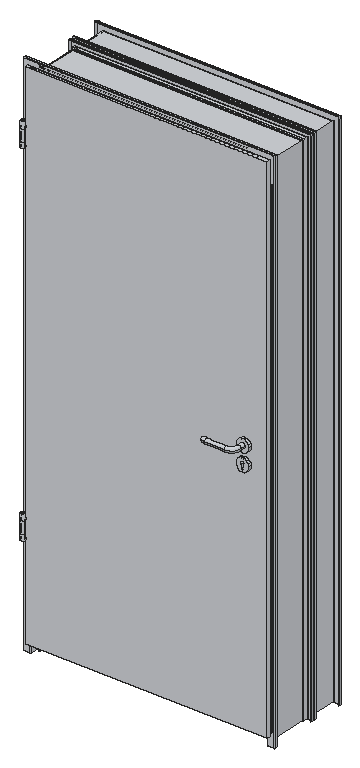
Revit family "BOS-Dehnungsfugenzarge-UuHd2_Familie", category Türen, Revit 2017
Family settings
  Basisbauteil = Wand
  Immer vertikal = Ja
  Beim Laden mit Abzugskörper schneiden = Nein
  Gemeinsam genutzt = Nein
  Raumberechnungspunkt = Ja
Parameters (values of type "UuHd2")
  Überstand Hinterschale [instance] = 0.5 * (Dehnungsfuge - 10 mm)  # 5 mm
  MW2 min. = 100 mm  # constant formula
  MW2 max. [instance] = GT2 max. - Putzwinkel hinten - Überstand Hinterschale  # 590 mm
  Propellerankerabbiegung vorne Hinterschale [instance] = 10 mm  # constant formula
  Spiegel hinten   Architrave Back [instance] = 30 mm
  Spiegel hinten [instance] = if(Spiegel hinten   Architrave Back < 30 mm, 30 mm, if(Spiegel hinten   Architrave Back > 80 mm, 80 mm, Spiegel hinten   Architrave Back))  # 30 mm
  Putzwinkel hinten   Backbend Back [instance] = 10 mm  # constant formula
  Putzwinkel hinten [instance] = Putzwinkel hinten   Backbend Back  # 10 mm
  MW2 Maulweite   Receiving Opening 2 [instance] = 115 mm
  MW2 Maulweite [instance] = if(MW2 Maulweite   Receiving Opening 2 < MW2 min., MW2 min., if(MW2 Maulweite   Receiving Opening 2 > MW2 max., MW2 max., MW2 Maulweite   Receiving Opening 2))  # 115 mm
  Dehnungsfuge min. = 10 mm  # constant formula
  Dehnungsfuge max. = 50 mm  # constant formula
  Propellerankerabbiegung hinten Hinterschale [instance] = 10 mm  # constant formula
  Propellerankerabbiegung vorne Vorderschale [instance] = 10 mm  # constant formula
  Propellerankerabbiegung hinten Vorderschale [instance] = 10 mm  # constant formula
  VX-Abstand [instance] = Putzwinkel vorne  # 10 mm
  Putzwinkel vorne   Backbend Front [instance] = 10 mm  # constant formula
  UsFHd2 = no
  UuFHd2 = no
  Wandstärke   Wall Thickness [instance] = 200 mm
  Stumpf = or(UsHd2, UsFHd2)  # no
  VX Bänder DIN rechts [instance] = DIN rechts   DIN Right  # no
  VX Bänder DIN links [instance] = DIN links   DIN Left  # yes
  MW1 Maulweite   Receiving Opening 1 [instance] = if(Wandstärke   Wall Thickness < MW1 min., MW1 min., if(Wandstärke   Wall Thickness > MW1 max., MW1 max., Wandstärke   Wall Thickness))  # 200 mm
  LDH Lichte Durchgangs Höhe   Clearance Height [instance] = FMH Falzmaß Höhe - Falzaufschlag gesamt  # 2093 mm
  LDB Lichte Durchgangs Breite   Clearance Width [instance] = FMB Falzmaß Breite - (2 * Falzaufschlag gesamt)  # 936 mm
  Gefälzt = or(UuHd2, UuFHd2)  # yes
  URL = "www.BestOfSteel.de/stahlzargen/zargen-fuer-drehfluegeltueren/dehnungsfugenzargen/"
  Türblattstärke 3 = if(Einfachfalz, 0 mm, 25 mm)  # 0 mm
  Türblattstärke 2 = if(Gefälzt, 25.5 mm, 40 mm)  # 25.5 mm
  Türblattstärke 1 = if(Gefälzt, 14.5 mm, 0 mm)  # 14.5 mm
  Türblattstärke = Türblattstärke 1 + Türblattstärke 2 + Türblattstärke 3  # 40 mm
  Türblattversatz [instance] = Putzwinkel vorne + if(Gefälzt, 16 mm, -2 mm)  # 26 mm
  Spiegel vorne   Architrave Front [instance] = 30 mm
  Spiegel vorne [instance] = if(Spiegel vorne   Architrave Front < 30 mm, 30 mm, if(Spiegel vorne   Architrave Front > 80 mm, 80 mm, Spiegel vorne   Architrave Front))  # 30 mm
  Rough Height = 0 mm  # constant formula
  Rough Width = 0 mm  # constant formula
  Rechtliche Hinweise [instance] = "www.BestOfSteel.de/tools-downloads/bim-building-information-modeling/"
  RNH Rohbau_Nennmaß_Höhe   Nominal Wall Opening Height Measurement [instance] = FMH Falzmaß Höhe + Einfügepunkt  # 2130 mm
  RNB Rohbau_Nennmaß_Breite   Nominal Wall Opening Width Measurement [instance] = FMB Falzmaß Breite + (2 * Einfügepunkt)  # 1010 mm
  Putzwinkel vorne [instance] = Putzwinkel vorne   Backbend Front  # 10 mm
  UsHd2 = no
  UuHd2 = yes
  Modell = "UuHd2"
  Material - Zarge = none
  Material - Türblatt = none
  Material - Drückergarnitur = none
  Material - Dichtung = none
  Material - Bänder = none
  Material = "grundiert, feuerverzinktes Feinblech nach DIN EN 10143"
  MW1 min. = 130 mm  # constant formula
  MW1 max. [instance] = GT1 max. - Putzwinkel vorne - Überstand Vorderschale  # 590 mm
  Information in English = no
  Info-Texte sichtbar = yes
  Height [instance] = RNH Rohbau_Nennmaß_Höhe   Nominal Wall Opening Height Measurement  # 2130 mm
  Hersteller = "BOS GmbH Best Of Steel, Lütkenfelde 4, D-48282 Emsdetten"
  GT2 min. [instance] = MW2 min. + Putzwinkel hinten + Überstand Hinterschale  # 115 mm
  GT2 max. = 605 mm  # constant formula
  GT2 Gesamttiefe Zarge   Total Profile Depth 2 [instance] = MW2 Maulweite   Receiving Opening 2 + Putzwinkel hinten + Überstand Hinterschale  # 130 mm
  GT1 Gesamttiefe Zarge   Total Profile Depth 1 [instance] = MW1 Maulweite   Receiving Opening 1 + Putzwinkel vorne + Überstand Vorderschale  # 215 mm
  GT1 min. [instance] = MW1 min. + Putzwinkel vorne + Überstand Vorderschale  # 145 mm
  GT1 max. = 605 mm  # constant formula
  MW Fehler [instance] = or(or(or(Wandstärke   Wall Thickness < MW1 min., Wandstärke   Wall Thickness > MW1 max.), or(Dehnungsfuge   Expansion joint < Dehnungsfuge min., Dehnungsfuge   Expansion joint > Dehnungsfuge max.)), or(MW2 Maulweite   Receiving Opening 2 < MW2 Maulweite, MW2 Maulweite   Receiving Opening 2 > MW2 Maulweite))  # no
  GT Gesamttiefe_Zarge   Total Profile Depth [instance] = MW1 Maulweite   Receiving Opening 1 + Putzwinkel vorne + MW2 Maulweite   Receiving Opening 2 + Putzwinkel hinten + Dehnungsfuge  # 355 mm
  Funktion = Innen
  Falztiefe gesamt = if(Einfachfalz, Falztiefe, Falztiefe + Falztiefe 2)  # 28.5 mm
  Falztiefe 2 = 25 mm  # constant formula
  Falztiefe = if(Gefälzt, 28.5 mm, 46.5 mm)  # 28.5 mm
  Falzaufschlag gesamt = if(Einfachfalz, Falzaufschlag, 2 * Falzaufschlag)  # 15 mm
  Falzaufschlag = 15 mm  # constant formula
  FMH min. = 1608 mm  # constant formula
  FMH max. = 2858 mm  # constant formula
  FMH Falzmaß_Höhe   Rebate Height Measurement [instance] = 2108 mm
  FMH Falzmaß Höhe [instance] = if(FMH Falzmaß_Höhe   Rebate Height Measurement < FMH min., FMH min., if(FMH Falzmaß_Höhe   Rebate Height Measurement > FMH max., FMH max., FMH Falzmaß_Höhe   Rebate Height Measurement))  # 2108 mm
  FMB min. = 591 mm  # constant formula
  FMB max. = 1341 mm  # constant formula
  FMB Falzmaß_Breite   Rebate Width Measurement [instance] = 966 mm
  FMB Falzmaß Breite [instance] = if(FMB Falzmaß_Breite   Rebate Width Measurement < FMB min., FMB min., if(FMB Falzmaß_Breite   Rebate Width Measurement > FMB max., FMB max., FMB Falzmaß_Breite   Rebate Width Measurement))  # 966 mm
  Einfügepunkt = 22 mm  # constant formula
  Einfachfalz = or(UuHd2, UsHd2)  # yes
  Drückerhöhe   Handle Height [instance] = 1050 mm
  Drückerhöhe [instance] = if(Drückerhöhe   Handle Height < 850 mm, 850 mm, if(Drückerhöhe   Handle Height > 1050 mm, 1050 mm, Drückerhöhe   Handle Height))  # 1050 mm
  Drückergarnitur DIN rechts [instance] = DIN rechts   DIN Right  # no
  Drückergarnitur DIN links [instance] = DIN links   DIN Left  # yes
  Doppelfalz = or(UuFHd2, UsFHd2)  # no
  Dicke = 0 mm  # constant formula
  Dichtungsversatz vertikal 2 [instance] = Falztiefe + Falztiefe 2 - Putzwinkel vorne + 10 mm  # 53.5 mm
  Dichtungsversatz vertikal 1 [instance] = Falztiefe - Putzwinkel vorne + 10 mm  # 28.5 mm
  Dichtungsversatz horizontal 2 [instance] = Falzaufschlag  # 15 mm
  Dichtungsversatz horizontal 1 [instance] = 0 mm  # constant formula
  Dichtung 2 = Doppelfalz  # no
  Dichtung 1 = or(Einfachfalz, Doppelfalz)  # yes
  Dehnungsfuge   Expansion joint [instance] = 20 mm
  Dehnungsfuge [instance] = if(Dehnungsfuge   Expansion joint < Dehnungsfuge min., Dehnungsfuge min., if(Dehnungsfuge   Expansion joint > Dehnungsfuge max., Dehnungsfuge max., Dehnungsfuge   Expansion joint))  # 20 mm
  DIN rechts   DIN Right [instance] = not(DIN links   DIN Left)  # no
  DIN links   DIN Left [instance] = yes
  DIN Richtung [instance] = if(DIN links   DIN Left, "DIN links", "DIN rechts")  # "DIN links"
  Bänder - Auswahl [instance] = if(Gefälzt, "3D Bänder gefälzt, Bandaufnahmen BVX11000", "3D Bänder stumpf, Bandaufnahmen BVX11000")  # "3D Bänder gefälzt, Bandaufnahmen BVX11000"
  Width = 0 mm  # constant formula
  Blechstärke = 1.5 mm  # constant formula
  Beschreibung = "Dehnungsfugenzarge Typ 2, gefälzt"
  Bauelement = "BOS Stahlzarge"
  BOS-Architekten-Beratung = "Tel.: +49 (0) 2572 203-203, Fax -209; E-Mail: architekten@BestOfSteel.de"
  BE Bodeneinstand   Foundation Bedding [instance] = 30 mm
  BE Bodeneinstand [instance] = if(BE Bodeneinstand   Foundation Bedding < 0 mm, 0 mm, if(BE Bodeneinstand   Foundation Bedding > BE max., BE max., BE Bodeneinstand   Foundation Bedding))  # 30 mm
  BBL1 Bandbezugslinie   Hinge Position 1 = 241 mm  # constant formula
  BE max. = 100 mm  # constant formula
  BA Bandabstand   Distance Between Hinges [instance] = if(FMH Falzmaß Höhe < 1546 mm, 935 mm, if(FMH Falzmaß Höhe < 1671 mm, 1060 mm, if(FMH Falzmaß Höhe < 1796 mm, 1185 mm, if(FMH Falzmaß Höhe < 1921 mm, 1310 mm, if(FMH Falzmaß Höhe < 2171 mm, 1435 mm, if(FMH Falzmaß Höhe < 2296 mm, 1685 mm, if(FMH Falzmaß Höhe < 2421 mm, 1810 mm, if(FMH Falzmaß Höhe < 2546 mm, 1935 mm, if(FMH Falzmaß Höhe < 2671 mm, 2060 mm, if(FMH Falzmaß Höhe < 2796 mm, 2185 mm, 2310 mm))))))))))  # 1435 mm
  Allgemeine Informationen zu Stahlzargen = "www.BestOfSteel.de/tools-downloads/technische-infos-rund-um-die-stahlzarge/"
  Überstand Vorderschale [instance] = 0.5 * (Dehnungsfuge - 10 mm)  # 5 mm
Reference planes
  plane 1 "Wand": y = 0
  plane 2 "Mitte (Links/rechts)": x = 125
  plane 3 "Hinten": y = 100
  plane 4 "Vorne": y = -100
  plane 5 "RNB links": x = -380
  plane 6 "RNB rechts": x = 630
  plane 7 "RNB oben": z = 2130
  plane 8 "BBL1": z = 1867
  plane 9 "Drückerhöhe": z = 1050
  plane 10 "BBL2": z = 432
  plane 11 "BE": z = -30
  plane 12 "FMH oben": z = 2108
  plane 13 "BE max.": z = -100
  plane 14 "FMB links": x = -358
  plane 15 "FMB rechts": x = 608
Forms (mm)
  Sweep 1, solid, material <- "Material - Zarge", visible <- "Einfachfalz", detail levels medium+fine
    path origin (0, -100, 0) x (-1, 0, 0) y (0, 0, 1)
      loop
        line (380, -30) -> (380, 2130) -> (-630, 2130) -> (-630, -30)
    profile "BOS-UuHd2-UsHd2-Vorderschale_Profil : BOS-UuHd2-UsHd2-Vorderschale_Profil" origin (-380, -100, 1050) x (1, 0, 0) y (0, 1, 0)
      loop
        line (33.021, 21.479) -> (33.949, 26.449)
        arc (33.949, 26.449) -> (33.308, 28.917) -> (31, 30) r 3
        line (31, 30) -> (23, 30)
        arc (23, 30) -> (21.232, 29.268) -> (20.5, 27.5) r 2.5
        line (20.5, 27.5) -> (20.5, -7.5)
        arc (20.5, -7.5) -> (20.207, -8.207) -> (19.5, -8.5) r 1
        line (19.5, -8.5) -> (-5.5, -8.5)
        arc (-5.5, -8.5) -> (-6.207, -8.207) -> (-6.5, -7.5) r 1
        line (-6.5, -7.5) -> (-6.5, 0) -> (-8, 0) -> (-8, -7.5)
        arc (-8, -7.5) -> (-7.268, -9.268) -> (-5.5, -10) r 2.5
        line (-5.5, -10) -> (19.5, -10)
        arc (19.5, -10) -> (21.268, -9.268) -> (22, -7.5) r 2.5
        line (22, -7.5) -> (22, 27.5)
        arc (22, 27.5) -> (22.293, 28.207) -> (23, 28.5) r 1
        line (23, 28.5) -> (31, 28.5)
        arc (31, 28.5) -> (32.154, 27.958) -> (32.475, 26.725) r 1.5
        line (32.475, 26.725) -> (31.547, 21.755)
        arc (31.547, 21.755) -> (33.996, 18.512) -> (37, 21.25) r 2.75
        line (37, 21.25) -> (37, 181.464)
        arc (37, 181.464) -> (36.81, 182.421) -> (36.268, 183.232) r 2.5
        line (36.268, 183.232) -> (33.293, 186.207)
        arc (33.293, 186.207) -> (33.076, 186.532) -> (33, 186.914) r 1
        line (33, 186.914) -> (33, 204)
        arc (33, 204) -> (32.268, 205.768) -> (30.5, 206.5) r 2.5
        line (30.5, 206.5) -> (13.5, 206.5)
        arc (13.5, 206.5) -> (11.732, 205.768) -> (11, 204) r 2.5
        line (11, 204) -> (11, 196.5) -> (12.5, 196.5) -> (12.5, 204)
        arc (12.5, 204) -> (12.793, 204.707) -> (13.5, 205) r 1
        line (13.5, 205) -> (30.5, 205)
        arc (30.5, 205) -> (31.207, 204.707) -> (31.5, 204) r 1
        line (31.5, 204) -> (31.5, 186.914)
        arc (31.5, 186.914) -> (31.69, 185.958) -> (32.232, 185.146) r 2.5
        line (32.232, 185.146) -> (35.207, 182.172)
        arc (35.207, 182.172) -> (35.424, 181.847) -> (35.5, 181.464) r 1
        line (35.5, 181.464) -> (35.5, 21.25)
        arc (35.5, 21.25) -> (34.135, 20.005) -> (33.021, 21.479) r 1.25
  Sweep 2, solid, material <- "Material - Dichtung", visible <- "Dichtung 1", detail levels medium+fine
    path origin (0, -100, 0) x (-1, 0, 0) y (0, 0, 1)
      loop
        line (358, 0) -> (358, 2108) -> (-608, 2108) -> (-608, 0)
    profile "BOS-Dichtung_Profil : BOS-Dichtung_Profil" origin (-358, -100, 1054) x (1, 0, 0) y (0, 1, 0)
      loop
        arc (2.601, 27.263) -> (2.248, 27.116) -> (2.102, 26.763) r 0.5
        line (2.102, 26.763) -> (2.102, 22.634)
        arc (2.102, 22.634) -> (2.243, 22.254) -> (2.599, 22.057) r 0.584
        line (2.599, 22.057) -> (7.702, 21.28)
        arc (7.702, 21.28) -> (8.08, 21.392) -> (8.234, 21.754) r 0.462
        line (8.234, 21.754) -> (8.069, 25.992)
        arc (8.069, 25.992) -> (7.918, 26.403) -> (7.556, 26.65) r 0.716
        arc (7.556, 26.65) -> (5.104, 27.16) -> (2.601, 27.263) r 15.257
      loop
        arc (2.671, 20.957) -> (2.274, 20.838) -> (2.102, 20.46) r 0.501
        line (2.102, 20.46) -> (2.102, 17.565)
        arc (2.102, 17.565) -> (2.227, 17.151) -> (2.561, 16.874) r 0.75
        line (2.561, 16.874) -> (9.159, 15)
        arc (9.159, 15) -> (9.738, 14.926) -> (10.314, 15.026) r 1.962
        arc (10.314, 15.026) -> (11.596, 15.754) -> (12.503, 16.916) r 3.79
        arc (12.503, 16.916) -> (12.466, 17.289) -> (12.114, 17.416) r 0.351
        arc (12.114, 17.416) -> (9.731, 17.818) -> (8.301, 19.767) r 3.215
        arc (8.301, 19.767) -> (8.101, 20.097) -> (7.751, 20.259) r 0.66
        line (7.751, 20.259) -> (2.671, 20.957)
      loop
        arc (9.885, 26.692) -> (6.361, 28.049) -> (2.611, 28.5) r 15.273
        arc (2.611, 28.5) -> (1.229, 28.241) -> (0, 27.558) r 4.388
        arc (0, 27.558) -> (-0.126, 27.198) -> (0.203, 27.005) r 0.3
        line (0.203, 27.005) -> (1.052, 27.179) -> (1.052, 22.212) -> (0.253, 21.589)
        arc (0.253, 21.589) -> (0.158, 21.198) -> (0.517, 21.017) r 0.324
        arc (0.517, 21.017) -> (0.888, 20.925) -> (1.052, 20.58) r 0.446
        line (1.052, 20.58) -> (1.052, 17.338) -> (0.255, 16.575)
        arc (0.255, 16.575) -> (0.205, 16.209) -> (0.55, 16.077) r 0.297
        arc (0.55, 16.077) -> (1.217, 16.194) -> (1.892, 16.137) r 2.63
        line (1.892, 16.137) -> (9.198, 14.049)
        arc (9.198, 14.049) -> (9.621, 14.008) -> (10.045, 14.024) r 3.219
        arc (10.045, 14.024) -> (12.714, 15.531) -> (14.033, 18.298) r 5.088
        arc (14.033, 18.298) -> (13.874, 18.708) -> (13.442, 18.788) r 0.451
        line (13.442, 18.788) -> (12.151, 18.352)
        arc (12.151, 18.352) -> (10.406, 18.72) -> (9.336, 20.147) r 2.533
        line (9.336, 20.147) -> (9.088, 25.569)
        arc (9.088, 25.569) -> (9.253, 25.964) -> (9.663, 26.087) r 0.501
        arc (9.663, 26.087) -> (10.021, 26.299) -> (9.885, 26.692) r 0.329
  Sweep 3, solid, material <- "Material - Zarge", visible <- "Doppelfalz", detail levels medium+fine
    path origin (0, -100, 0) x (-1, 0, 0) y (0, 0, 1)
      loop
        line (380, -30) -> (380, 2130) -> (-630, 2130) -> (-630, -30)
    profile "BOS-UuFHd2-UsFHd2-Vorderschale_Profil : BOS-UuFHd2-UsFHd2-Vorderschale_Profil" origin (-380, -100, 1050) x (1, 0, 0) y (0, 1, 0)
      loop
        line (-6.5, -7.5) -> (-6.5, 0) -> (-8, 0) -> (-8, -7.5)
        arc (-8, -7.5) -> (-7.268, -9.268) -> (-5.5, -10) r 2.5
        line (-5.5, -10) -> (19.5, -10)
        arc (19.5, -10) -> (21.268, -9.268) -> (22, -7.5) r 2.5
        line (22, -7.5) -> (22, 27.5)
        arc (22, 27.5) -> (22.293, 28.207) -> (23, 28.5) r 1
        line (23, 28.5) -> (31, 28.5)
        arc (31, 28.5) -> (32.154, 27.958) -> (32.475, 26.725) r 1.5
        line (32.475, 26.725) -> (31.547, 21.755)
        arc (31.547, 21.755) -> (33.996, 18.512) -> (37, 21.25) r 2.75
        line (37, 21.25) -> (37, 52.5)
        arc (37, 52.5) -> (37.293, 53.207) -> (38, 53.5) r 1
        line (38, 53.5) -> (46, 53.5)
        arc (46, 53.5) -> (47.154, 52.958) -> (47.475, 51.725) r 1.5
        line (47.475, 51.725) -> (46.547, 46.755)
        arc (46.547, 46.755) -> (48.996, 43.512) -> (52, 46.25) r 2.75
        line (52, 46.25) -> (52, 181.464)
        arc (52, 181.464) -> (51.81, 182.421) -> (51.268, 183.232) r 2.5
        line (51.268, 183.232) -> (48.293, 186.207)
        arc (48.293, 186.207) -> (48.076, 186.532) -> (48, 186.914) r 1
        line (48, 186.914) -> (48, 204)
        arc (48, 204) -> (47.268, 205.768) -> (45.5, 206.5) r 2.5
        line (45.5, 206.5) -> (28.5, 206.5)
        arc (28.5, 206.5) -> (26.732, 205.768) -> (26, 204) r 2.5
        line (26, 204) -> (26, 196.5) -> (27.5, 196.5) -> (27.5, 204)
        arc (27.5, 204) -> (27.793, 204.707) -> (28.5, 205) r 1
        line (28.5, 205) -> (45.5, 205)
        arc (45.5, 205) -> (46.207, 204.707) -> (46.5, 204) r 1
        line (46.5, 204) -> (46.5, 186.914)
        arc (46.5, 186.914) -> (46.69, 185.958) -> (47.232, 185.146) r 2.5
        line (47.232, 185.146) -> (50.207, 182.172)
        arc (50.207, 182.172) -> (50.424, 181.847) -> (50.5, 181.464) r 1
        line (50.5, 181.464) -> (50.5, 46.25)
        arc (50.5, 46.25) -> (49.135, 45.005) -> (48.021, 46.479) r 1.25
        line (48.021, 46.479) -> (48.949, 51.449)
        arc (48.949, 51.449) -> (48.308, 53.917) -> (46, 55) r 3
        line (46, 55) -> (38, 55)
        arc (38, 55) -> (36.232, 54.268) -> (35.5, 52.5) r 2.5
        line (35.5, 52.5) -> (35.5, 21.25)
        arc (35.5, 21.25) -> (34.135, 20.005) -> (33.021, 21.479) r 1.25
        line (33.021, 21.479) -> (33.949, 26.449)
        arc (33.949, 26.449) -> (33.308, 28.917) -> (31, 30) r 3
        line (31, 30) -> (23, 30)
        arc (23, 30) -> (21.232, 29.268) -> (20.5, 27.5) r 2.5
        line (20.5, 27.5) -> (20.5, -7.5)
        arc (20.5, -7.5) -> (20.207, -8.207) -> (19.5, -8.5) r 1
        line (19.5, -8.5) -> (-5.5, -8.5)
        arc (-5.5, -8.5) -> (-6.207, -8.207) -> (-6.5, -7.5) r 1
  Sweep 4, solid, material <- "Material - Dichtung", visible <- "Dichtung 2", detail levels medium+fine
    path origin (0, -100, 0) x (-1, 0, 0) y (0, 0, 1)
      loop
        line (358, 0) -> (358, 2108) -> (-608, 2108) -> (-608, 0)
    profile "BOS-Dichtung_Profil : BOS-Dichtung_Profil" origin (-358, -100, 1054) x (1, 0, 0) y (0, 1, 0)
      loop
        arc (17.601, 52.263) -> (17.248, 52.116) -> (17.102, 51.763) r 0.5
        line (17.102, 51.763) -> (17.102, 47.634)
        arc (17.102, 47.634) -> (17.243, 47.254) -> (17.599, 47.057) r 0.584
        line (17.599, 47.057) -> (22.702, 46.28)
        arc (22.702, 46.28) -> (23.08, 46.392) -> (23.234, 46.754) r 0.462
        line (23.234, 46.754) -> (23.069, 50.992)
        arc (23.069, 50.992) -> (22.918, 51.403) -> (22.556, 51.65) r 0.716
        arc (22.556, 51.65) -> (20.104, 52.16) -> (17.601, 52.263) r 15.257
      loop
        arc (17.671, 45.957) -> (17.274, 45.838) -> (17.102, 45.46) r 0.501
        line (17.102, 45.46) -> (17.102, 42.565)
        arc (17.102, 42.565) -> (17.227, 42.151) -> (17.561, 41.874) r 0.75
        line (17.561, 41.874) -> (24.159, 40)
        arc (24.159, 40) -> (24.738, 39.926) -> (25.314, 40.026) r 1.962
        arc (25.314, 40.026) -> (26.596, 40.754) -> (27.503, 41.916) r 3.79
        arc (27.503, 41.916) -> (27.466, 42.289) -> (27.114, 42.416) r 0.351
        arc (27.114, 42.416) -> (24.731, 42.818) -> (23.301, 44.767) r 3.215
        arc (23.301, 44.767) -> (23.101, 45.097) -> (22.751, 45.259) r 0.66
        line (22.751, 45.259) -> (17.671, 45.957)
      loop
        arc (24.885, 51.692) -> (21.361, 53.049) -> (17.611, 53.5) r 15.273
        arc (17.611, 53.5) -> (16.229, 53.241) -> (15, 52.558) r 4.388
        arc (15, 52.558) -> (14.874, 52.198) -> (15.203, 52.005) r 0.3
        line (15.203, 52.005) -> (16.052, 52.179) -> (16.052, 47.212) -> (15.253, 46.589)
        arc (15.253, 46.589) -> (15.158, 46.198) -> (15.517, 46.017) r 0.324
        arc (15.517, 46.017) -> (15.888, 45.925) -> (16.052, 45.58) r 0.446
        line (16.052, 45.58) -> (16.052, 42.338) -> (15.255, 41.575)
        arc (15.255, 41.575) -> (15.205, 41.209) -> (15.55, 41.077) r 0.297
        arc (15.55, 41.077) -> (16.217, 41.194) -> (16.892, 41.137) r 2.63
        line (16.892, 41.137) -> (24.198, 39.049)
        arc (24.198, 39.049) -> (24.621, 39.008) -> (25.045, 39.024) r 3.219
        arc (25.045, 39.024) -> (27.714, 40.531) -> (29.033, 43.298) r 5.088
        arc (29.033, 43.298) -> (28.874, 43.708) -> (28.442, 43.788) r 0.451
        line (28.442, 43.788) -> (27.151, 43.352)
        arc (27.151, 43.352) -> (25.406, 43.72) -> (24.336, 45.147) r 2.533
        line (24.336, 45.147) -> (24.088, 50.569)
        arc (24.088, 50.569) -> (24.253, 50.964) -> (24.663, 51.087) r 0.501
        arc (24.663, 51.087) -> (25.021, 51.299) -> (24.885, 51.692) r 0.329
  Sweep 5, solid, material <- "Material - Zarge", detail levels medium+fine
    path origin (0, -100, 0) x (-1, 0, 0) y (0, 0, 1)
      loop
        line (380, -30) -> (380, 2130) -> (-630, 2130) -> (-630, -30)
    profile "BOS-UuHd2-Hinterschale_Profil : BOS-UuHd2-Hinterschale_Profil" origin (-380, -100, 1050) x (1, 0, 0) y (0, 1, 0)
      loop
        arc (37, 342.5) -> (36.268, 344.268) -> (34.5, 345) r 2.5
        line (34.5, 345) -> (9.5, 345)
        arc (9.5, 345) -> (7.732, 344.268) -> (7, 342.5) r 2.5
        line (7, 342.5) -> (7, 335) -> (8.5, 335) -> (8.5, 342.5)
        arc (8.5, 342.5) -> (8.793, 343.207) -> (9.5, 343.5) r 1
        line (9.5, 343.5) -> (34.5, 343.5)
        arc (34.5, 343.5) -> (35.207, 343.207) -> (35.5, 342.5) r 1
        line (35.5, 342.5) -> (35.5, 214)
        arc (35.5, 214) -> (34.768, 215.768) -> (33, 216.5) r 2.5
        line (33, 216.5) -> (13.5, 216.5)
        arc (13.5, 216.5) -> (12.793, 216.793) -> (12.5, 217.5) r 1
        line (12.5, 217.5) -> (12.5, 225) -> (11, 225) -> (11, 217.5)
        arc (11, 217.5) -> (11.732, 215.732) -> (13.5, 215) r 2.5
        line (13.5, 215) -> (33, 215)
        arc (33, 215) -> (33.707, 214.707) -> (34, 214) r 1
        line (34, 214) -> (34, 196.5)
        arc (34, 196.5) -> (35.5, 195) -> (37, 196.5) r 1.5
        line (37, 196.5) -> (37, 342.5)
  Sweep 6, void
    path origin (0, -100, 0) x (-1, 0, 0) y (0, 0, 1)
      loop
        line (380, 0) -> (380, 2130) -> (-125, 2130)
    profile "BOS-AK-Umfassungszarge-Einfachfalz-MW_Profil : BOS-AK-Umfassungszarge-Einfachfalz-MW_Profil" origin (-380, -100, 1065) x (1, 0, 0) y (0, 1, 0)
      loop
        line (505, 200) -> (35.5, 200) -> (35.5, 30) -> (23, 30)
        arc (23, 30) -> (21.232, 29.268) -> (20.5, 27.5) r 2.5
        line (20.5, 27.5) -> (20.5, 0) -> (505, 0) -> (505, 200)
  Sweep 7, void
    path origin (0, -100, 0) x (-1, 0, 0) y (0, 0, 1)
      loop
        line (-630, 0) -> (-630, 2130) -> (-125, 2130)
    profile "BOS-AK-Umfassungszarge-Einfachfalz-MW_Profil : BOS-AK-Umfassungszarge-Einfachfalz-MW_Profil" origin (630, -100, 1065) x (1, 0, 0) y (0, 1, 0)
      loop
        line (-505, 200) -> (-505, 0) -> (-20.5, 0) -> (-20.5, 27.5)
        arc (-20.5, 27.5) -> (-21.232, 29.268) -> (-23, 30) r 2.5
        line (-23, 30) -> (-35.5, 30) -> (-35.5, 200) -> (-505, 200)
  Sweep 8, void
    path origin (0, -100, 0) x (-1, 0, 0) y (0, 0, 1)
      loop
        line (380, 0) -> (380, 2130) -> (-125, 2130)
    profile "BOS-AK-Umfassungszarge-Doppelfalz-MW_Profil : BOS-AK-Umfassungszarge-Doppelfalz-MW_Profil" origin (-380, -100, 1065) x (1, 0, 0) y (0, 1, 0)
      loop
        line (505, 200) -> (116.5, 200) -> (116.5, 55) -> (104, 55)
        arc (104, 55) -> (102.232, 54.268) -> (101.5, 52.5) r 2.5
        line (101.5, 52.5) -> (101.5, 30) -> (89, 30)
        arc (89, 30) -> (87.232, 29.268) -> (86.5, 27.5) r 2.5
        line (86.5, 27.5) -> (86.5, 0) -> (505, 0) -> (505, 200)
  Sweep 9, void
    path origin (0, -100, 0) x (-1, 0, 0) y (0, 0, 1)
      loop
        line (-630, 0) -> (-630, 2130) -> (-125, 2130)
    profile "BOS-AK-Umfassungszarge-Doppelfalz-MW_Profil : BOS-AK-Umfassungszarge-Doppelfalz-MW_Profil" origin (630, -100, 1065) x (1, 0, 0) y (0, 1, 0)
      loop
        line (-505, 200) -> (-505, 0) -> (-86.5, 0) -> (-86.5, 27.5)
        arc (-86.5, 27.5) -> (-87.232, 29.268) -> (-89, 30) r 2.5
        line (-89, 30) -> (-101.5, 30) -> (-101.5, 52.5)
        arc (-101.5, 52.5) -> (-102.232, 54.268) -> (-104, 55) r 2.5
        line (-104, 55) -> (-116.5, 55) -> (-116.5, 200) -> (-505, 200)
  Sweep 10, void
    path origin (0, -100, 0) x (-1, 0, 0) y (0, 0, 1)
      loop
        line (380, 0) -> (380, 2130) -> (-630, 2130) -> (-630, 0)
    profile "BOS-AK-Dehnungsfugenzarge-Typ-2_Profil : BOS-AK-Dehnungsfugenzarge-Typ-2_Profil" origin (-380, -100, 1065) x (1, 0, 0) y (0, 1, 0)
      loop
        line (31.5, 205) -> (31.5, 187.143)
        arc (31.5, 187.143) -> (31.728, 185.995) -> (32.379, 185.021) r 3
        line (32.379, 185.021) -> (35.207, 182.193)
        arc (35.207, 182.193) -> (35.424, 181.868) -> (35.5, 181.486) r 1
        line (35.5, 181.486) -> (35.5, 205) -> (31.5, 205)
Lines and regions (mm)
  model lines, style "DoorsHiddenLines", visible <- "DIN links   DIN Left"
    curve 1: arc (630, -100, 0) -> (334.178, -814.178, 0) -> (-380, -1110, 0) r 1010
  model lines, visible <- "DIN links   DIN Left"
    curve 2: line (-380, -100, 0) -> (-380, -1110, 0)
  model lines, style "DoorsHiddenLines", visible <- "DIN rechts   DIN Right"
    curve 3: arc (-380, -100, 0) -> (-84.178, -814.178, 0) -> (630, -1110, 0) r 1010
  model lines, visible <- "DIN rechts   DIN Right"
    curve 4: line (630, -100, 0) -> (630, -1110, 0)
  reference lines
    curve 5: line (65, 650, 0) -> (185, 650, 0)
    curve 6: line (65, -650, 0) -> (185, -650, 0)
    curve 7: line (1130, 100, 0) -> (1130, -100, 0)
Text (mm)
  text "Außen     " at (-1696.17, 830.944, 0), in view "Ref.-Ebene"
  text "Außen" at (0, 1409.804, 2854.306), in view "Links"
  text "Placement side" at (0, 499.811, 2980.732), in view "Rechts"
Dimensions and locks
  locked: plane 3 "Hinten" to host wall
  locked: host wall to plane 4 "Vorne" at 0
  level to plane 7 "RNB oben" = 2130 mm
  equal spacing: plane 5 "RNB links", plane 2 "Mitte (Links/rechts)", plane 6 "RNB rechts"
  "Drückerhöhe": level to plane 9 "Drückerhöhe"
  "BE Bodeneinstand": plane 11 "BE" to level
  "Wandstärke   Wall Thickness": host wall to host wall
  "BBL1 Bandbezugslinie   Hinge Position 1": plane 12 "FMH oben" to plane 8 "BBL1"
  "BA Bandabstand   Distance Between Hinges": plane 8 "BBL1" to plane 10 "BBL2"
  "FMH Falzmaß Höhe": plane 12 "FMH oben" to level
  "RNH Rohbau_Nennmaß_Höhe   Nominal Wall Opening Height Measurement": plane 7 "RNB oben" to level
  curve 4 to curve 7 = 500 mm
  "RNB Rohbau_Nennmaß_Breite   Nominal Wall Opening Width Measurement": plane 5 "RNB links" to plane 6 "RNB rechts"
  curve 6 to plane 4 "Vorne" to plane 3 "Hinten" to curve 5 = 550 mm, 200 mm, 550 mm
  "BE max.": level to plane 13 "BE max."
  equal spacing: plane 14 "FMB links", plane 2 "Mitte (Links/rechts)", plane 15 "FMB rechts"
  "FMB Falzmaß Breite": plane 14 "FMB links" to plane 15 "FMB rechts"
  aligned and locked: plane 1 "Wand" to host wall
  aligned and locked: plane 5 "RNB links" to curve 1
  aligned and locked: plane 2 "Mitte (Links/rechts)" to nested 1
  aligned and locked: nested 2 to nested 1
  aligned and locked: plane 9 "Drückerhöhe" to nested 3
  aligned and locked: nested 4 to plane 9 "Drückerhöhe"
  aligned and locked: nested 5 to plane 9 "Drückerhöhe"
  aligned and locked: plane 9 "Drückerhöhe" to nested 2
  aligned and locked: nested 1 to nested 3
  aligned and locked: nested 5 to nested 1  (x2)
  aligned and locked: nested 4 to nested 1
  aligned and locked: nested 3 to nested 1
  aligned and locked: nested 1 to nested 2
  aligned and locked: nested 1 to nested 4
  aligned and locked: plane 4 "Vorne" to nested 1
  aligned and locked: plane 6 "RNB rechts" to nested 6
  aligned and locked: nested 6 to plane 4 "Vorne"
  aligned and locked: plane 9 "Drückerhöhe" to nested 6
  aligned and locked: plane 5 "RNB links" to nested 7
  aligned and locked: nested 7 to plane 4 "Vorne"
  aligned and locked: plane 6 "RNB rechts" to nested 8
  aligned and locked: plane 4 "Vorne" to nested 8
  aligned and locked: curve 5 to nested 10
  aligned and locked: plane 2 "Mitte (Links/rechts)" to nested 10
  aligned and locked: curve 6 to nested 9
  aligned and locked: plane 2 "Mitte (Links/rechts)" to nested 9
  aligned and locked: nested 11 to curve 7
  aligned and locked: plane 1 "Wand" to nested 11
  aligned and locked: plane 14 "FMB links" to Sweep 2 sketch curve
  aligned and locked: Sweep 2 sketch curve to plane 12 "FMH oben"
  aligned and locked: Sweep 2 sketch curve to plane 15 "FMB rechts"
  aligned and locked: plane 14 "FMB links" to Sweep 4 sketch curve
  aligned and locked: Sweep 4 sketch curve to plane 12 "FMH oben"
  aligned and locked: Sweep 4 sketch curve to plane 15 "FMB rechts"
  aligned and locked: plane 8 "BBL1" to nested 12
  aligned and locked: nested 14 to plane 8 "BBL1"
  aligned and locked: nested 13 to plane 10 "BBL2"
  aligned and locked: plane 10 "BBL2" to nested 15
  aligned and locked: nested 12 to plane 4 "Vorne"
  aligned and locked: nested 13 to plane 4 "Vorne"
  aligned and locked: plane 4 "Vorne" to nested 15
  aligned and locked: plane 4 "Vorne" to nested 14
  aligned and locked: plane 15 "FMB rechts" to nested 15
  aligned and locked: plane 15 "FMB rechts" to nested 14
  aligned and locked: plane 14 "FMB links" to nested 13
  aligned and locked: plane 14 "FMB links" to nested 12
  aligned and locked: plane 5 "RNB links" to nested 16
  aligned and locked: plane 6 "RNB rechts" to nested 17
  aligned and locked: plane 4 "Vorne" to nested 16
  aligned and locked: nested 17 to plane 4 "Vorne"
  aligned and locked: plane 14 "FMB links" to nested 18
  aligned and locked: nested 18 to Sweep 1
  aligned and locked: nested 19 to Sweep 3
  aligned and locked: plane 14 "FMB links" to nested 19
Automatic sketch dimensions
  Sweep 1 sketch curve to plane 6 "RNB rechts" = 0 mm
  Sweep 1 sketch curve to plane 5 "RNB links" = 0 mm
  Sweep 1 sketch curve to plane 11 "BE" = 0 mm  (x2)
  Sweep 1 sketch curve to plane 7 "RNB oben" = 0 mm
  Sweep 2 sketch curve to level = 0 mm  (x2)
  host wall to curve 1 = 0 mm
  host wall to curve 7 = 0 mm
  curve 7 to host wall = 0 mm
  curve 6 to plane 2 "Mitte (Links/rechts)" = 60 mm
  curve 5 to plane 2 "Mitte (Links/rechts)" = 60 mm
  plane 2 "Mitte (Links/rechts)" to curve 6 = 60 mm
  plane 2 "Mitte (Links/rechts)" to curve 5 = 60 mm
  plane 6 "RNB rechts" to curve 7 = 500 mm
  Sweep 3 sketch curve to plane 6 "RNB rechts" = 0 mm
  Sweep 3 sketch curve to plane 5 "RNB links" = 0 mm
  Sweep 3 sketch curve to plane 11 "BE" = 0 mm  (x2)
  Sweep 3 sketch curve to plane 7 "RNB oben" = 0 mm
  Sweep 4 sketch curve to level = 0 mm  (x2)
  Sweep 5 sketch curve to plane 6 "RNB rechts" = 0 mm
  Sweep 5 sketch curve to plane 5 "RNB links" = 0 mm
  Sweep 5 sketch curve to plane 11 "BE" = 0 mm  (x2)
  Sweep 5 sketch curve to plane 7 "RNB oben" = 0 mm
  Sweep 6 sketch curve to plane 2 "Mitte (Links/rechts)" = 0 mm
  Sweep 6 sketch curve to plane 5 "RNB links" = 0 mm
  Sweep 6 sketch curve to level = 0 mm
  Sweep 6 sketch curve to plane 7 "RNB oben" = 0 mm
  Sweep 7 sketch curve to plane 6 "RNB rechts" = 0 mm
  Sweep 7 sketch curve to plane 2 "Mitte (Links/rechts)" = 0 mm
  Sweep 7 sketch curve to level = 0 mm
  Sweep 7 sketch curve to plane 7 "RNB oben" = 0 mm
  Sweep 8 sketch curve to plane 2 "Mitte (Links/rechts)" = 0 mm
  Sweep 8 sketch curve to plane 5 "RNB links" = 0 mm
  Sweep 8 sketch curve to level = 0 mm
  Sweep 8 sketch curve to plane 7 "RNB oben" = 0 mm
  Sweep 9 sketch curve to plane 6 "RNB rechts" = 0 mm
  Sweep 9 sketch curve to plane 2 "Mitte (Links/rechts)" = 0 mm
  Sweep 9 sketch curve to level = 0 mm
  Sweep 9 sketch curve to plane 7 "RNB oben" = 0 mm
  Sweep 10 sketch curve to plane 6 "RNB rechts" = 0 mm
  Sweep 10 sketch curve to plane 5 "RNB links" = 0 mm
  Sweep 10 sketch curve to level = 0 mm  (x2)
  Sweep 10 sketch curve to plane 7 "RNB oben" = 0 mm
  host wall to curve 3 = 0 mm
Nested families
  nested 1: "BOS-Türblatt_Modell" at (125, -126, 0), type "BOS-Türblatt_Modell", detail levels medium+fine
    with Türblattversatz 26 mm, Türblattstärke TB3 0 mm, Türblattstärke 40 mm
  nested 2: "BOS-Drückergarnitur_Modell" at (527.5, -86, 1050) x (-1, 0, 0) z (0, 0, 1), visible <- "Drückergarnitur DIN links", type "BOS-Drückergarnitur_Modell", detail levels fine
  nested 3: "BOS-Drückergarnitur_Modell" at (-277.5, -126, 1050), visible <- "Drückergarnitur DIN rechts", type "BOS-Drückergarnitur_Modell", detail levels fine
  nested 4: "BOS-Drückergarnitur_Modell" at (-277.5, -86, 1050), visible <- "Drückergarnitur DIN rechts", type "BOS-Drückergarnitur_Modell", detail levels fine
  nested 5: "BOS-Drückergarnitur_Modell" at (527.5, -126, 1050) x (-1, 0, 0) z (0, 0, 1), visible <- "Drückergarnitur DIN links", type "BOS-Drückergarnitur_Modell", detail levels fine
  nested 6: "BOS-BOS_Modell" at (630, -100, 1050), type "BOS-BOS_Modell", not visible
  nested 7: "BOS-loser-Nagelanker-und-Propelleranker-Vorderschale_Detail" at (-380, -85, 0), type "BOS-loser-Nagelanker-und-Propelleranker-Vorderschale_Detail", detail levels fine
    with MW Maulweite 200 mm, Bügelankerlänge 130 mm, Abbiegung vorne 10 mm, Abbiegung hinten 10 mm
  nested 8: "BOS-loser-Nagelanker-und-Propelleranker-Vorderschale_Detail" at (630, -85, 0) x (-1, 0, 0) z (0, 0, 1), type "BOS-loser-Nagelanker-und-Propelleranker-Vorderschale_Detail", detail levels fine
    with MW Maulweite 200 mm, Bügelankerlänge 130 mm, Abbiegung vorne 10 mm, Abbiegung hinten 10 mm
  nested 9: "BOS-Info-Texte_Beschriftung" at (125, -650.955, 0), visible <- "Info-Texte sichtbar", type "Rechtliche Hinweise"
  nested 10: "BOS-Info-Texte_Beschriftung" at (125, 649.045, 0), visible <- "Info-Texte sichtbar", type "Technische Hinweise"
  nested 11: "BOS-Info-Texte_Beschriftung" at (1130, -0.955, 0), visible <- "MW Fehler", type "Maulweite-Dehnungsfuge Fehlermeldung"
  nested 12: "BOS-Band-VX_Modell" at (-358, -100, 1867), visible <- "VX Bänder DIN links", type "BOS-Band-VX_Modell", detail levels fine
    with VX-Abstand 10 mm
  nested 13: "BOS-Band-VX_Modell" at (-358, -100, 432), visible <- "VX Bänder DIN links", type "BOS-Band-VX_Modell", detail levels fine
    with VX-Abstand 10 mm
  nested 14: "BOS-Band-VX_Modell" at (608, -100, 1867) x (-1, 0, 0) z (0, 0, 1), visible <- "VX Bänder DIN rechts", type "BOS-Band-VX_Modell", detail levels fine
    with VX-Abstand 10 mm
  nested 15: "BOS-Band-VX_Modell" at (608, -100, 432) x (-1, 0, 0) z (0, 0, 1), visible <- "VX Bänder DIN rechts", type "BOS-Band-VX_Modell", detail levels fine
    with VX-Abstand 10 mm
  nested 16: "BOS-loser-Nagelanker-und-Propelleranker-Hinterschale_Detail" at (-380, 120, 0), type "BOS-loser-Nagelanker-und-Propelleranker-Hinterschale_Detail", detail levels fine
    with MW2 Maulweite 115 mm, MW1 Maulweite 200 mm, Bügelankerlänge 78.2 mm
  nested 17: "BOS-loser-Nagelanker-und-Propelleranker-Hinterschale_Detail" at (630, 120, 0) x (-1, 0, 0) z (0, 0, 1), type "BOS-loser-Nagelanker-und-Propelleranker-Hinterschale_Detail", detail levels fine
    with MW2 Maulweite 115 mm, MW1 Maulweite 200 mm, Bügelankerlänge 78.2 mm
  nested 18: "BOS-Logo_Modell" at (-358, 95, 0), visible <- "Einfachfalz", type "BOS-Logo_Modell", detail levels fine
  nested 19: "BOS-Logo_Modell" at (-343, 95, 0), visible <- "Doppelfalz", type "BOS-Logo_Modell", detail levels fine
Definition of nested family "BOS-Türblatt_Modell"
  Parameters (values of type "BOS-Türblatt_Modell")
    URL = "www.BestOfSteel.de"
    Türblattversatz = 2 mm
    Türblattaufschlag = 13 mm
    Türblattstärke TB3 = 25 mm
    Türblattstärke TB2 = 25.5 mm
    Türblattstärke TB1 = 14.5 mm
    Türblattstärke = Türblattstärke TB1 + Türblattstärke TB2 + Türblattstärke TB3  # 65 mm
    Türblattextrusionsende = FMH Zargen Falzmaß Höhe + 9 mm  # 2117 mm
    Türblattextrusionsbeginn = 7 mm
    Material - Türblatt = none
    FMH Zargen Falzmaß Höhe = 2108 mm
    FMB Zargen Falzmaß Breite = 966 mm
    Keynote = "BOS Türblatt"
    TAB3 Türblatt Außenmaß Breite Türblatt 3 = TAB2 Türblatt Außenmaß Breite Türblatt 2 - 2 * Falzaufschlag  # 929 mm
    TAB Türblatt Außenmaß Breite = FMB Zargen Falzmaß Breite + 2 * 9.5 mm  # 985 mm
    TAB2 Türblatt Außenmaß Breite Türblatt 2 = TAB Türblatt Außenmaß Breite - 2 * Türblattaufschlag  # 959 mm
    Falzaufschlag = 15 mm
  Reference planes
    plane 1 "Mitte (Vorne/hinten)": y = 0
    plane 2: z = 0
    plane 3 "Mitte (Links/rechts)": x = 0
    plane 4: z = 2117
    plane 5: x = -492.5
    plane 6: x = 492.5
    plane 7: z = 7
    plane 8 "hinten": y = 2
    plane 9 "vorne": y = -2
  Forms (mm)
    Extrusion 1, solid, material <- "Material - Türblatt"
      sketch origin (0, 0, 0) x (1, 0, 0) y (0, 1, 0)
        loop
          line (-492.5, 65) -> (-492.5, 0) -> (492.5, 0) -> (492.5, 65) -> (-492.5, 65)
      from 7 <- "Türblattextrusionsbeginn" to 2117 <- "Türblattextrusionsende"
    Sweep 2, void
      path origin (-2.283, 0, 0) x (1, 0, 0) y (0, 0, 1)
        loop
          line (-490.217, 7) -> (-490.217, 2117) -> (494.783, 2117) -> (494.783, 7)
      profile origin (-492.5, 0, 1062) x (-1, 0, 0) y (0, -1, 0)
        loop
          line (0, -65) -> (0, -14.5) -> (-13, -14.5) -> (-13, -40) -> (-28, -40) -> (-28, -65) -> (0, -65)
  Cuts and joins
    Sweep 2 cuts Extrusion 1
  Dimensions and locks
    equal spacing: Extrusion 1 sketch curve, plane 3 "Mitte (Links/rechts)", Extrusion 1 sketch curve
    "TAB Türblatt Außenmaß Breite": Extrusion 1 sketch curve to Extrusion 1 sketch curve
    "Türblattstärke": Extrusion 1 sketch curve to Extrusion 1 sketch curve
    "TAB Türblatt Außenmaß Breite": plane 6 to plane 5
    equal spacing: plane 6, plane 3 "Mitte (Links/rechts)", plane 5
    "Türblattextrusionsende": plane 4 to level
    "Türblattextrusionsbeginn": plane 7 to level
    Sweep 2 sketch curve to Sweep 2 sketch curve = 25 mm
    "Türblattstärke TB2": Sweep 2 sketch curve to Sweep 2 sketch curve
    "Türblattaufschlag": cut or joined group of Extrusion 1, Sweep 2 to Sweep 2 sketch curve
    "Falzaufschlag": Sweep 2 sketch curve to Sweep 2 sketch curve
    "Türblattversatz": plane 9 "vorne" to plane 1 "Mitte (Vorne/hinten)"
    "Türblattstärke TB1": Sweep 2 sketch curve to plane 1 "Mitte (Vorne/hinten)"
    equal spacing: plane 8 "hinten", plane 1 "Mitte (Vorne/hinten)", plane 9 "vorne"
    aligned and locked: level to plane 2
  Automatic sketch dimensions
    plane 1 "Mitte (Vorne/hinten)" to Extrusion 1 sketch curve = 0 mm
    Sweep 2 sketch curve to plane 4 = 0 mm
    Sweep 2 sketch curve to plane 5 = 0 mm
    Sweep 2 sketch curve to plane 6 = 0 mm
    Sweep 2 sketch curve to plane 7 = 0 mm  (x2)
    Sweep 2 sketch curve to profile plane = 0 mm
Definition of nested family "BOS-Drückergarnitur_Modell"
  Parameters (values of type "BOS-Drückergarnitur_Modell")
    URL = "www.BestOfSteel.de"
    Material - Drückergarnitur = none
    Keynote = "BOS Drückergarnitur"
  Reference planes
    plane 1 "Mitte (Vorne/hinten)": y = 0
    plane 2 "Drückerhöhe": z = 0
    plane 3 "Mitte (Links/rechts)": x = 0
    plane 4 "Türblattende gefälzt": x = -90
  Forms (mm)
    Sweep 1, solid, material <- "Material - Drückergarnitur"
      path origin (0, 0, 0) x (1, 0, 0) y (0, 1, 0)
        loop
          line (0, 0) -> (0, -10)
      profile origin (0, -5, 0) x (1, 0, 0) y (0, 0, 1)
        loop
          circle (0, 0) r 26
    Sweep 2, solid, material <- "Material - Drückergarnitur"
      path origin (0, 0, 0) x (1, 0, 0) y (0, 1, 0)
        loop
          line (0, -10) -> (0, -30.336)
          arc (0, -30.336) -> (8.201, -50.135) -> (28, -58.336) r 28
          line (28, -58.336) -> (108.063, -58.336)
          arc (108.063, -58.336) -> (116.614, -56.829) -> (124.133, -52.487) r 25
      profile origin (0, -20.168, 0) x (1, 0, 0) y (0, 0, 1)
        loop
          circle (0, 0) r 9
    Sweep 3, solid, material <- "Material - Drückergarnitur"
      path origin (0, 0, -70) x (1, 0, 0) y (0, 1, 0)
        loop
          line (0, 0) -> (0, -10)
      profile origin (0, -5, -70) x (1, 0, 0) y (0, 0, 1)
        loop
          circle (0, 0) r 26
        loop
          arc (-4.3, -12.6) -> (0, -16.9) -> (4.3, -12.6) r 4.3
          line (4.3, -12.6) -> (4.3, 0)
          arc (4.3, 0) -> (7.07, 8.305) -> (0, 13.47) r 7.421
          arc (0, 13.47) -> (-7.07, 8.305) -> (-4.3, 0) r 7.421
          line (-4.3, 0) -> (-4.3, -12.6)
  Dimensions and locks
    plane 2 "Drückerhöhe" to Sweep 3 = 70 mm
    aligned and locked: plane 1 "Mitte (Vorne/hinten)" to Sweep 3
  Automatic sketch dimensions
    Sweep 1 sketch curve to plane 3 "Mitte (Links/rechts)" = 0 mm
    plane 1 "Mitte (Vorne/hinten)" to Sweep 1 sketch curve = 0 mm
    plane 1 "Mitte (Vorne/hinten)" to Sweep 1 sketch curve = 10 mm
    level to Sweep 1 sketch curve = 0 mm
    profile plane to Sweep 1 sketch curve = 0 mm
    Sweep 2 sketch curve to plane 3 "Mitte (Links/rechts)" = 0 mm
    plane 3 "Mitte (Links/rechts)" to Sweep 2 sketch curve = 28 mm
    plane 1 "Mitte (Vorne/hinten)" to Sweep 2 sketch curve = 33.336 mm
    Sweep 2 sketch curve to Sweep 2 sketch curve = 80.063 mm
    plane 1 "Mitte (Vorne/hinten)" to Sweep 2 sketch curve = 58.336 mm
    Sweep 2 sketch curve to Sweep 2 sketch curve = 16.07 mm
    plane 1 "Mitte (Vorne/hinten)" to Sweep 2 sketch curve = 10 mm
    level to Sweep 2 sketch curve = 0 mm
    profile plane to Sweep 2 sketch curve = 0 mm
    Sweep 3 sketch curve to plane 3 "Mitte (Links/rechts)" = 0 mm
    plane 1 "Mitte (Vorne/hinten)" to Sweep 3 sketch curve = 0 mm
    plane 1 "Mitte (Vorne/hinten)" to Sweep 3 sketch curve = 10 mm
    Sweep 3 sketch curve to Sweep 3 sketch curve = 0 mm  (x2)
    Sweep 3 sketch curve to profile plane = 0 mm  (x2)
    profile plane to Sweep 3 sketch curve = 0 mm  (x3)
    Sweep 3 sketch curve to Sweep 3 sketch curve = 4.3 mm
    Sweep 3 sketch curve to Sweep 3 sketch curve = 12.6 mm
    profile plane to Sweep 3 sketch curve = 6.049 mm
    radius of Sweep 1 sketch curve = 26 mm
    radius of Sweep 2 sketch curve = 9 mm
    radius of Sweep 3 sketch curve = 26 mm
Definition of nested family "BOS-Band-VX_Modell"
  Parameters (values of type "BOS-Band-VX_Modell")
    URL = "www.BestOfSteel.de"
    Stumpf = no
    Rechtliche Hinweise = "www.BestOfSteel.de/tools-downloads/bim-building-information-modeling/"
    VX-Abstand = 15 mm
    Material - Bänder = none
    Manufacturer = "BOS GmbH Best Of Steel, Lütkenfelde 4, D-48282 Emsdetten"
    Gefälzt = yes
    Description = "gefälzt oder stumpf"
    Keynote = "BOS Band VX"
    BOS-Architekten-Beratung = "Tel.: +49 (0) 2572 203-203, Fax -209; E-Mail: architekten@BestOfSteel.de"
    Allgemeine Informationen zu Stahlzargen = "www.BestOfSteel.de/tools-downloads/technische-infos-rund-um-die-stahlzarge/"
    Abstand von Spiegel = if(Gefälzt, 12.5 mm, 13.5 mm)  # 12.5 mm
    Abstand von Falzmaß = if(Gefälzt, 21 mm, 3 mm)  # 21 mm
  Reference planes
    plane 1: y = 0
    plane 2: z = 0
    plane 3: x = 0
    plane 4: z = -47.5
    plane 5: z = 47.5
    plane 6: y = -15
    plane 7: y = -27.5
    plane 8: x = -21
    plane 9: z = 24
    plane 10: z = -24
    plane 11: z = 23.5
    plane 12: z = -23.5
    plane 13: x = -31
    plane 14: x = -11
  Forms (mm)
    Sweep 1, solid, material <- "Material - Bänder"
      path origin (-34.92, -27.5, 1200) x (-1, 0, 0) y (0, 0, 1)
        loop
          line (-13.92, -1247.5) -> (-13.92, -1152.5)
      profile origin (-21, -27.5, 0) x (1, 0, 0) y (0, 1, 0)
        loop
          circle (0, 0) r 6.5
    Sweep 2, solid, material <- "Material - Bänder", visible <- "Stumpf"
      path origin (-34.92, -27.5, 1200) x (-1, 0, 0) y (0, 0, 1)
        loop
          line (-13.92, -1176) -> (-13.92, -1152.5)
      profile origin (-21, -27.5, 35.75) x (1, 0, 0) y (0, 1, 0)
        loop
          arc (6.5, 0) -> (0, -6.5) -> (-6.5, 0) r 6.5
          arc (-6.5, 0) -> (-2.798, 5.867) -> (4.091, 5.051) r 6.5
          line (4.091, 5.051) -> (6.293, 7.771)
          arc (6.293, 7.771) -> (-9.026, -4.305) -> (10, 0) r 10
          line (10, 0) -> (10, 15.5) -> (6.5, 15.5) -> (6.5, 0)
    Sweep 3, solid, material <- "Material - Bänder", visible <- "Stumpf"
      path origin (-34.92, -27.5, 1200) x (-1, 0, 0) y (0, 0, 1)
        loop
          line (-13.92, -1247.5) -> (-13.92, -1224)
      profile origin (-21, -27.5, -35.75) x (1, 0, 0) y (0, 1, 0)
        loop
          line (6.5, 15.5) -> (6.5, 0)
          arc (6.5, 0) -> (0, -6.5) -> (-6.5, 0) r 6.5
          arc (-6.5, 0) -> (-2.798, 5.867) -> (4.091, 5.051) r 6.5
          line (4.091, 5.051) -> (6.293, 7.771)
          arc (6.293, 7.771) -> (-9.026, -4.305) -> (10, 0) r 10
          line (10, 0) -> (10, 15.5) -> (6.5, 15.5)
    Sweep 4, solid, material <- "Material - Bänder", visible <- "Stumpf"
      path origin (-34.92, -27.5, 1200) x (-1, 0, 0) y (0, 0, 1)
        loop
          line (-13.92, -1223.5) -> (-13.92, -1176.5)
      profile origin (-21, -27.5, 0) x (1, 0, 0) y (0, 1, 0)
        loop
          line (-7.546, 13.5) -> (-11, 13.5) -> (-11, 11.45) -> (-9.849, -1.733)
          arc (-9.849, -1.733) -> (9.51, -3.092) -> (-6.947, 7.193) r 10
          line (-6.947, 7.193) -> (-4.515, 4.667)
          arc (-4.515, 4.667) -> (2.546, 5.971) -> (6.507, -0.017) r 6.507
          arc (6.507, -0.017) -> (0.623, -6.475) -> (-6.353, -1.214) r 6.486
          line (-6.353, -1.214) -> (-7.546, 11.599) -> (-7.546, 13.5)
    Sweep 5, solid, material <- "Material - Bänder", visible <- "Gefälzt"
      path origin (-34.92, -27.5, 1200) x (-1, 0, 0) y (0, 0, 1)
        loop
          line (-13.92, -1176) -> (-13.92, -1152.5)
      profile origin (-21, -27.5, 35.75) x (1, 0, 0) y (0, 1, 0)
        loop
          arc (0, 10) -> (-4.305, -9.026) -> (7.771, 6.293) r 10
          line (7.771, 6.293) -> (5.051, 4.091)
          arc (5.051, 4.091) -> (2.17, -6.127) -> (-6.5, 0) r 6.5
          arc (-6.5, 0) -> (-4.596, 4.596) -> (0, 6.5) r 6.5
          line (0, 6.5) -> (11.5, 6.5) -> (11.5, 10) -> (0, 10)
    Sweep 6, solid, material <- "Material - Bänder", visible <- "Gefälzt"
      path origin (-34.92, -27.5, 1200) x (-1, 0, 0) y (0, 0, 1)
        loop
          line (-13.92, -1247.5) -> (-13.92, -1224)
      profile origin (-21, -27.5, -35.75) x (1, 0, 0) y (0, 1, 0)
        loop
          line (11.5, 6.5) -> (11.5, 10) -> (0, 10)
          arc (0, 10) -> (-4.305, -9.026) -> (7.771, 6.293) r 10
          line (7.771, 6.293) -> (5.051, 4.091)
          arc (5.051, 4.091) -> (2.17, -6.127) -> (-6.5, 0) r 6.5
          arc (-6.5, 0) -> (-4.596, 4.596) -> (0, 6.5) r 6.5
          line (0, 6.5) -> (11.5, 6.5)
    Sweep 7, solid, material <- "Material - Bänder", visible <- "Gefälzt"
      path origin (-34.92, -27.5, 1200) x (-1, 0, 0) y (0, 0, 1)
        loop
          line (-13.92, -1223.5) -> (-13.92, -1176.5)
      profile origin (-21, -27.5, 0) x (1, 0, 0) y (0, 1, 0)
        loop
          line (7.5, 10.761) -> (6.474, -0.586)
          arc (6.474, -0.586) -> (-0.293, -6.493) -> (-6.5, 0) r 6.5
          arc (-6.5, 0) -> (-2.54, 5.983) -> (4.515, 4.676) r 6.5
          line (4.515, 4.676) -> (6.947, 7.193)
          arc (6.947, 7.193) -> (-9.372, -3.488) -> (9.959, -0.901) r 10
          line (9.959, -0.901) -> (11, 10.603) -> (11, 12.5) -> (7.5, 12.5) -> (7.5, 10.761)
  Dimensions and locks
    equal spacing: plane 5, plane 2, plane 4
    plane 5 to plane 4 = 95 mm
    "VX-Abstand": plane 6 to plane 1
    "Abstand von Spiegel": plane 6 to plane 7
    "Abstand von Falzmaß": plane 8 to plane 3
    plane 5 to plane 9 = 23.5 mm
    plane 11 to plane 12 = 47 mm
    plane 10 to plane 4 = 23.5 mm
    equal spacing: plane 11, plane 2, plane 12
  Automatic sketch dimensions
    Sweep 1 sketch curve to plane 5 = 0 mm
    Sweep 1 sketch curve to plane 8 = 0 mm
    Sweep 1 sketch curve to plane 4 = 0 mm
    Sweep 1 sketch curve to plane 7 = 0 mm
    Sweep 1 sketch curve to profile plane = 0 mm
    Sweep 2 sketch curve to plane 5 = 0 mm
    Sweep 2 sketch curve to plane 8 = 0 mm
    Sweep 2 sketch curve to plane 9 = 0 mm
    Sweep 3 sketch curve to plane 8 = 0 mm
    Sweep 3 sketch curve to plane 4 = 0 mm
    Sweep 3 sketch curve to plane 10 = 0 mm
    Sweep 4 sketch curve to plane 8 = 0 mm
    Sweep 4 sketch curve to plane 12 = 0 mm
    Sweep 4 sketch curve to plane 11 = 0 mm
    Sweep 5 sketch curve to plane 5 = 0 mm
    Sweep 5 sketch curve to plane 8 = 0 mm
    Sweep 5 sketch curve to plane 9 = 0 mm
    Sweep 5 sketch curve to Sweep 5 sketch curve = 0 mm  (x3)
    Sweep 5 sketch curve to plane 7 = 0 mm
    Sweep 5 sketch curve to profile plane = 0 mm
    plane 7 to Sweep 5 sketch curve = 4.091 mm
    Sweep 5 sketch curve to Sweep 5 sketch curve = 3.5 mm
    Sweep 5 sketch curve to Sweep 5 sketch curve = 3.729 mm
    Sweep 5 sketch curve to profile plane = 5.051 mm
    Sweep 5 sketch curve to Sweep 5 sketch curve = 6.449 mm
    Sweep 6 sketch curve to plane 8 = 0 mm
    Sweep 6 sketch curve to plane 4 = 0 mm
    Sweep 6 sketch curve to plane 10 = 0 mm
    Sweep 6 sketch curve to profile plane = 0 mm  (x2)
    Sweep 6 sketch curve to Sweep 6 sketch curve = 11.5 mm
    plane 7 to Sweep 6 sketch curve = 10 mm
    Sweep 6 sketch curve to Sweep 6 sketch curve = 3.5 mm
    Sweep 6 sketch curve to plane 7 = 0 mm
    Sweep 6 sketch curve to Sweep 6 sketch curve = 3.729 mm
    Sweep 6 sketch curve to Sweep 6 sketch curve = 0 mm  (x2)
    Sweep 6 sketch curve to Sweep 6 sketch curve = 2.72 mm
    Sweep 7 sketch curve to plane 8 = 0 mm
    Sweep 7 sketch curve to plane 12 = 0 mm
    Sweep 7 sketch curve to plane 11 = 0 mm
    Sweep 7 sketch curve to plane 7 = 0.586 mm
    Sweep 7 sketch curve to Sweep 7 sketch curve = 1.958 mm
    Sweep 7 sketch curve to Sweep 7 sketch curve = 2.985 mm
    Sweep 7 sketch curve to plane 7 = 0.901 mm
    Sweep 7 sketch curve to Sweep 7 sketch curve = 2.431 mm
    Sweep 7 sketch curve to Sweep 7 sketch curve = 3.5 mm
    Sweep 7 sketch curve to Sweep 7 sketch curve = 1.897 mm
    Sweep 3 sketch curve to Sweep 3 sketch curve = 0 mm  (x6)
    Sweep 3 sketch curve to plane 7 = 0 mm
    Sweep 3 sketch curve to profile plane = 0 mm
    Sweep 3 sketch curve to profile plane = 4.091 mm
    Sweep 3 sketch curve to Sweep 3 sketch curve = 2.203 mm
    Sweep 3 sketch curve to profile plane = 6.5 mm
    Sweep 3 sketch curve to Sweep 3 sketch curve = 3.5 mm
    Sweep 3 sketch curve to Sweep 3 sketch curve = 7.729 mm
    Sweep 4 sketch curve to plane 7 = 0 mm
    Sweep 4 sketch curve to profile plane = 0 mm
    profile plane to Sweep 4 sketch curve = 4.515 mm
    Sweep 4 sketch curve to plane 7 = 1.214 mm
    Sweep 4 sketch curve to Sweep 4 sketch curve = 1.838 mm
    Sweep 4 sketch curve to Sweep 4 sketch curve = 2.431 mm
    profile plane to Sweep 4 sketch curve = 7.546 mm
    Sweep 4 sketch curve to plane 7 = 1.733 mm
    Sweep 4 sketch curve to Sweep 4 sketch curve = 3.496 mm
    Sweep 4 sketch curve to Sweep 4 sketch curve = 3.454 mm
    Sweep 4 sketch curve to profile plane = 0.001 mm
    Sweep 4 sketch curve to Sweep 4 sketch curve = 0.021 mm
    Sweep 4 sketch curve to plane 7 = 0.017 mm
    Sweep 4 sketch curve to Sweep 4 sketch curve = 2.526 mm
    Sweep 4 sketch curve to Sweep 4 sketch curve = 4.257 mm
    Sweep 4 sketch curve to Sweep 4 sketch curve = 0.149 mm
    Sweep 4 sketch curve to Sweep 4 sketch curve = 2.05 mm
    Sweep 2 sketch curve to Sweep 2 sketch curve = 0 mm  (x6)
    Sweep 2 sketch curve to plane 7 = 0 mm
    Sweep 2 sketch curve to profile plane = 0 mm
    Sweep 2 sketch curve to profile plane = 4.091 mm
    Sweep 2 sketch curve to Sweep 2 sketch curve = 2.203 mm
    Sweep 2 sketch curve to profile plane = 6.5 mm
    Sweep 2 sketch curve to Sweep 2 sketch curve = 3.5 mm
    Sweep 2 sketch curve to Sweep 2 sketch curve = 7.729 mm
    Sweep 7 sketch curve to Sweep 7 sketch curve = 2.518 mm
    Sweep 7 sketch curve to plane 7 = 0 mm
    Sweep 7 sketch curve to profile plane = 0 mm
    Sweep 7 sketch curve to Sweep 7 sketch curve = 0 mm  (x3)
    Sweep 7 sketch curve to Sweep 7 sketch curve = 1.739 mm
    Sweep 7 sketch curve to Sweep 7 sketch curve = 3.409 mm
    Sweep 7 sketch curve to profile plane = 4.515 mm
    radius of Sweep 1 sketch curve = 6.5 mm
Definition of nested family "BOS-BOS_Modell"
  Parameters (values of type "BOS-BOS_Modell")
    Abstand = 22 mm
  Reference planes
    plane 1 "Mitte (Vorne/hinten)": y = 0
    plane 2: z = 0
    plane 3 "Mitte (Links/rechts)": x = 0
    plane 4 "BOS": x = -22
  Dimensions and locks
    "Abstand": plane 4 "BOS" to plane 3 "Mitte (Links/rechts)"
    aligned and locked: level to plane 2
    aligned and locked: plane 1 "Mitte (Vorne/hinten)" to text3d elem
    aligned and locked: text3d elem to level
Definition of nested family "BOS-loser-Nagelanker-und-Propelleranker-Vorderschale_Detail"
  Parameters (values of type "BOS-loser-Nagelanker-und-Propelleranker-Vorderschale_Detail")
    URL = "www.BestOfSteel.de"
    Spiegel vorne = 30 mm
    Rechtliche Hinweise = "www.BestOfSteel.de/tools-downloads/bim-building-information-modeling/"
    Model = ""
    MW Maulweite = 115 mm
    Blechstärke = 1.5 mm
    BOS-Architekten-Beratung = "Tel.: +49 (0) 2572 203-203, Fax -209; E-Mail: architekten@BestOfSteel.de"
    Allgemeine Informationen zu Stahlzargen = "www.BestOfSteel.de/tools-downloads/technische-infos-rund-um-die-stahlzarge/"
    Manufacturer = "BOS GmbH Best Of Steel, Lütkenfelde 4, D-48282 Emsdetten"
    Falzaufschlag gesamt = 15 mm
    Einfügepunkt = 22 mm
    Bügelankerlänge = 0.65 * MW Maulweite  # 74.75 mm
    Description = "loser Nagelanker und Propelleranker (Vorderschale)"
    Keynote = "BOS Detail"
    Abbiegung vorne = 20 mm
    Abbiegung hinten = 15 mm
  Reference planes
    plane 1: y = 0
    plane 2: z = 0
    plane 3: x = 0
    plane 4: y = 100
    plane 5: x = 5
    plane 6: y = 100
    plane 7: y = -15
    plane 8: x = -120
    plane 9: y = 50
    plane 10: y = 87.375
    plane 11: y = 12.625
    plane 12: x = 25
    plane 13: x = 22
    plane 14: x = -8
    plane 15: x = 20
  Lines and regions (mm)
    detail lines, in view "Ref.-Ebene"
      curve 1: line (-120, 0, 0) -> (5, 0, 0)
      curve 2: line (5, 0, 0) -> (5, 100, 0)
      curve 3: line (5, 100, 0) -> (-120, 100, 0)
      curve 4: line (0, 100, 0) -> (0, 0, 0)
      curve 5: line (6.653, 50.091, 0) -> (26.323, 13.333, 0)
      curve 6: line (26.323, 13.333, 0) -> (25, 12.625, 0)
      curve 7: line (25, 12.625, 0) -> (5, 50, 0)
